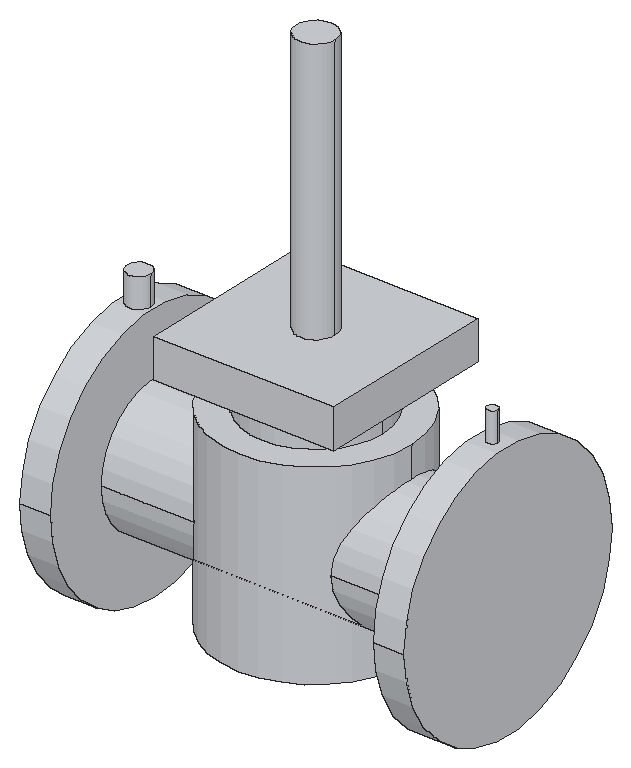
Revit family "OPTIMA_Compact_FLANGE_PN16_DN125-HF_RFA_2018", category Pipe Accessories, Revit 2018
Family settings
  Round Connector Dimension = Use Diameter
  Part Type = Valve - Breaks Into
  Work Plane-Based = No
  Always vertical = Yes
  Cut with Voids When Loaded = No
  Shared = No
Parameters (values of type "Optima Compact Flange PN16 DN125 HF")
  magiProductId = "Frese Optima Flange DN125 HF"
  magiProductFamilyId = "Frese Optima Flange *"
  magiPartTypeId = 304
  isMeasuringValve [instance] = no
  ang2D [instance] = 0.00°
  W2D = 50 mm
  VersionID = "2.0/2018.8.28.1/FRESE_OPTIMA_FLANGE_Q13_002"
  Use Minimum Symbol Size [instance] = yes
  URL = "www.hydronic.cz"
  Type Comments = "Přírubový; PN16; 0~120°C, s měřením"
  R4 = 70 mm
  R3 = 70.2 mm
  R1 = 100 mm
  QmdConnectorList = "301;D;302;D"
  Productdata [instance] = ""
  Manufacturer = "Hydronic Systems Prague s.r.o."
  MC Product Code = "53-1214 (DN125 HF; 40mm; pohon min 1000N; Qmin-dpmin 23000l/h-27.0kPa; Qmax-dpmin 135000l/h-53.0kPa; dpmax 800kPa)"
  MC Piping Given Pressure Drop [instance] = 0.0 Pa
  LF__ve = -LF  # -32 mm
  LF2 = 16 mm
  LF = 32 mm
  L4 = 188 mm
  L3 = 336 mm
  L2D_Min = 3048 mm
  L2D = 230 mm
  L2 = 200 mm
  H6 = 275.5 mm
  H4 = 40.5 mm
  H3 = 33.75 mm
  H2 = 101.25 mm
  H1 = 202.5 mm
  Description = "Tlakově nezávislý 2-cestný regulační vyvažovací ventil (PICV)"
  DF2 = 135 mm
  D = 125 mm
  CAT0 = yes
Types (14, lengths in mm): name | magiProductId | magiProductFamilyId | W2D | Type Comments | R4 | R3 | R1 | MC Product Code | LF__ve | LF2 | LF | L4 | L3 | L2D | L2 | H6 | H4 | H3 | H2 | H1 | DF2 | D
  Optima Compact Flange PN16 DN050 LF | "Frese Optima Flange DN050 LF" | "Frese Optima Flange *" | 50 | "Přírubový; PN16; 0~120°C, s měřením" | 40.3 | 42.9 | 57.5 | "53-1200 (DN50 LF; 20mm; pohon min 1000N; Qmin-dpmin 2500l/h-6.5kPa; Qmax-dpmin 15000l/h-20.0kPa; dpmax 800kPa)" | -18.4 | 9.2 | 18.4 | 108.1 | 193.2 | 230 | 115 | 157.3 | 24.8 | 20.6 | 61.9 | 123.8 | 82.5 | 50
  Optima Compact Flange PN16 DN050 HF | "Frese Optima Flange DN050 HF" | "Frese Optima Flange *" | 50 | "Přírubový; PN16; 0~120°C, s měřením" | 40.25 | 42.9 | 57.5 | "53-1210 (DN50 HF; 20mm; pohon min 1000N; Qmin-dpmin 3900l/h-19.0kPa; Qmax-dpmin 24000l/h-50.0kPa; dpmax 800kPa)" | -18.4 | 9.2 | 18.4 | 108.1 | 193.2 | 230 | 115 | 157.25 | 24.75 | 20.625 | 61.875 | 123.75 | 82.5 | 50
  Optima Compact Flange PN16 DN065 LF | "Frese Optima Flange DN065 LF" | "Frese Optima Flange *" | 50 | "Přírubový; PN16; 0~120°C, s měřením" | 50.75 | 48.1 | 72.5 | "53-1201 (DN65 LF; 20mm; pohon min 1000N; Qmin-dpmin 4400l/h-15.0kPa; Qmax-dpmin 25000l/h-25.0kPa; dpmax 800kPa)" | -23.2 | 11.6 | 23.2 | 136.3 | 243.6 | 230 | 145 | 171.25 | 27.75 | 23.125 | 69.375 | 138.75 | 92.5 | 65
  Optima Compact Flange PN16 DN065 HF | "Frese Optima Flange DN065 HF" | "Frese Optima Flange *" | 50 | "Přírubový; PN16; 0~120°C, s měřením" | 50.75 | 48.1 | 72.5 | "53-1211 (DN65 HF; 20mm; pohon min 1000N; Qmin-dpmin 6000l/h-30.0kPa; Qmax-dpmin 35000l/h-55.0kPa; dpmax 800kPa)" | -23.2 | 11.6 | 23.2 | 136.3 | 243.6 | 230 | 145 | 171.25 | 27.75 | 23.125 | 69.375 | 138.75 | 92.5 | 65
  Optima Compact Flange PN16 DN080 LF | "Frese Optima Flange DN080 LF" | "Frese Optima Flange *" | 50 | "Přírubový; PN16; 0~120°C, s měřením" | 54.25 | 52 | 77.5 | "53-1202 (DN80 LF; 20mm; pohon min 1000N; Qmin-dpmin 5300l/h-16.0kPa; Qmax-dpmin 34000l/h-25.0kPa; dpmax 800kPa)" | -24.8 | 12.4 | 24.8 | 145.7 | 260.4 | 230 | 155 | 183 | 30 | 25 | 75 | 150 | 100 | 80
  Optima Compact Flange PN16 DN080 HF | "Frese Optima Flange DN080 HF" | "Frese Optima Flange *" | 50 | "Přírubový; PN16; 0~120°C, s měřením" | 54.25 | 52 | 77.5 | "53-1212 (DN80 HF; 20mm; pohon min 1000N; Qmin-dpmin 7000l/h-23.0kPa; Qmax-dpmin 43000l/h-50.0kPa; dpmax 800kPa)" | -24.8 | 12.4 | 24.8 | 145.7 | 260.4 | 230 | 155 | 183 | 30 | 25 | 75 | 150 | 100 | 80
  Optima Compact Flange PN16 DN100 LF | "Frese Optima Flange DN100 LF" | "Frese Optima Flange *" | 50 | "Přírubový; PN16; 0~120°C, s měřením" | 61.25 | 61.1 | 87.5 | "53-1203 (DN100 LF; 40mm; pohon min 1000N; Qmin-dpmin 12100l/h-20.0kPa; Qmax-dpmin 68000l/h-35.0kPa; dpmax 800kPa)" | -28 | 14 | 28 | 164.5 | 294 | 230 | 175 | 268.75 | 35.25 | 29.375 | 88.125 | 176.25 | 117.5 | 100
  Optima Compact Flange PN16 DN100 HF | "Frese Optima Flange DN100 HF" | "Frese Optima Flange *" | 50 | "Přírubový; PN16; 0~120°C, s měřením" | 61.25 | 61.1 | 87.5 | "53-1213 (DN100 HF; 40mm; pohon min 1000N; Qmin-dpmin 14800l/h-30.0kPa; Qmax-dpmin 90000l/h-75.0kPa; dpmax 800kPa)" | -28 | 14 | 28 | 164.5 | 294 | 230 | 175 | 268.75 | 35.25 | 29.375 | 88.125 | 176.25 | 117.5 | 100
  Optima Compact Flange PN16 DN125 LF | "Frese Optima Flange DN125 LF" | "Frese Optima Flange *" | 50 | "Přírubový; PN16; 0~120°C, s měřením" | 70 | 70.2 | 100 | "53-1204 (DN125 LF; 40mm; pohon min 1000N; Qmin-dpmin 18500l/h-16.0kPa; Qmax-dpmin 110000l/h-35.0kPa; dpmax 800kPa)" | -32 | 16 | 32 | 188 | 336 | 230 | 200 | 275.5 | 40.5 | 33.75 | 101.25 | 202.5 | 135 | 125
  Optima Compact Flange PN16 DN125 HF | "Frese Optima Flange DN125 HF" | "Frese Optima Flange *" | 50 | "Přírubový; PN16; 0~120°C, s měřením" | 70 | 70.2 | 100 | "53-1214 (DN125 HF; 40mm; pohon min 1000N; Qmin-dpmin 23000l/h-27.0kPa; Qmax-dpmin 135000l/h-53.0kPa; dpmax 800kPa)" | -32 | 16 | 32 | 188 | 336 | 230 | 200 | 275.5 | 40.5 | 33.75 | 101.25 | 202.5 | 135 | 125
  Optima Compact Flange PN16 DN150 LF | "Frese Optima Flange DN150 LF" | "Frese Optima Flange *" | 50 | "Přírubový; PN16; 0~110°C, s měřením" | 84 | 74.1 | 120 | "53-1205 (DN150 LF; 43mm; pohon min 1500N; Qmin-dpmin 25600l/h-21.0kPa; Qmax-dpmin 148000l/h-35.0kPa; dpmax 800kPa)" | -38.4 | 19.2 | 38.4 | 225.6 | 403.2 | 230 | 240 | 279.25 | 42.75 | 35.625 | 106.875 | 213.75 | 142.5 | 150
  Optima Compact Flange PN16 DN150 HF | "Frese Optima Flange DN150 HF" | "Frese Optima Flange *" | 50 | "Přírubový; PN16; 0~110°C, s měřením" | 84 | 74.1 | 120 | "53-1215 (DN150 HF; 43mm; pohon min 1500N; Qmin-dpmin 32000l/h-33.0kPa; Qmax-dpmin 195000l/h-65.0kPa; dpmax 800kPa)" | -38.4 | 19.2 | 38.4 | 225.6 | 403.2 | 230 | 240 | 279.25 | 42.75 | 35.625 | 106.875 | 213.75 | 142.5 | 150
  Optima Compact Flange PN16 DN200 LF | "" | "" | 100 | "Přírubový; PN16; 0~110°C, s měřením" | 164.5 | 98.8 | 235 | "53-1206 (DN200 LF; 43mm; pohon min 1500N; Qmin-dpmin 95000l/h-11.0kPa; Qmax-dpmin 210000l/h-32.0kPa; dpmax 800kPa)" | -48 | 24 | 48 | 282 | 504 | 350 | 300 | 281 | 57 | 15 | 209 | 380 | 190 | 200
  Optima Compact Flange PN16 DN200 HF | "" | "" | 100 | "Přírubový; PN16; 0~110°C, s měřením" | 164.5 | 98.8 | 235 | "53-1216 (DN200 HF; 43mm; pohon min 1500N; Qmin-dpmin 130000l/h-31.0kPa; Qmax-dpmin 280000l/h-78.0kPa; dpmax 800kPa)" | -48 | 24 | 48 | 282 | 504 | 350 | 300 | 281 | 57 | 15 | 209 | 380 | 190 | 200
Reference planes
  plane 1 "Center (Front/Back)": y = 0
  plane 2 "XYPLANE": z = 0
  plane 3 "Center (Left/Right)": x = 0
  plane 4 "157": x = 184
  plane 5 "156": x = -184
  plane 6 "155": z = 135
  plane 7 "154": z = 175.5
  plane 8 "153": z = 135
  plane 9 "152": z = 101.25
  plane 10 "151": x = -168
  plane 11 "150": z = -101.25
  plane 12 "149": x = 0
  plane 13 "148": y = 0
  plane 14 "147": z = 0
  plane 15 "146": x = -200
  plane 16 "145": x = 200
Forms (mm)
  Extrusion 1, solid, visible <- "CAT0"
    sketch origin (-750, 0, 135) x (1, 0, 0) y (0, 1, 0)
      loop
        circle (934, 0) r 5.5
    from 0 to 30
  Extrusion 2, solid, visible <- "CAT0"
    sketch origin (-750, 0, 135) x (1, 0, 0) y (0, 1, 0)
      loop
        circle (566, 0) r 12.3
    from 0 to 30
  Extrusion 3, solid, visible <- "CAT0"
    sketch origin (-750, 0, 175.5) x (1, 0, 0) y (0, 1, 0)
      loop
        circle (750, 0) r 20
    from 0 to 275.5 <- "H6"
  Extrusion 4, solid, visible <- "CAT0"
    sketch origin (-750, 0, 135) x (1, 0, 0) y (0, 1, 0)
      loop
        line (844, 94) -> (656, 94) -> (656, -94) -> (844, -94) -> (844, 94)
    from 0 to 40.5 <- "H4"
  Extrusion 5, solid, visible <- "CAT0"
    sketch origin (-750, 0, 101.25) x (1, 0, 0) y (0, 1, 0)
      loop
        circle (750, 0) r 70
    from 0 to 33.75 <- "H3"
  Extrusion 6, solid, visible <- "CAT0"
    sketch origin (-168, -750, 0) x (0, 1, 0) y (0, 0, 1)
      loop
        circle (750, 0) r 70.2
    from 0 to 336 <- "L3"
  Extrusion 7, solid, visible <- "CAT0"
    sketch origin (-750, 0, -101.25) x (1, 0, 0) y (0, 1, 0)
      loop
        circle (750, 0) r 100
    from 0 to 202.5 <- "H1"
  Extrusion 8, solid, visible <- "CAT0"
    sketch origin (-200, -750, 0) x (0, 1, 0) y (0, 0, 1)
      loop
        circle (750, 0) r 135
    from 0 to 32 <- "LF"
  Extrusion 9, solid, visible <- "CAT0"
    sketch origin (200, -750, 0) x (0, 1, 0) y (0, 0, 1)
      loop
        circle (750, 0) r 135
    from 0 to -32 <- "LF__ve"
  Extrusion 10, solid, not visible
    sketch origin (-200, -750, 0) x (0, 1, 0) y (0, 0, 1)
      loop
        circle (750, 0) r 10
    from 0 to 10
  Extrusion 11, solid, not visible
    sketch origin (200, -750, 0) x (0, 1, 0) y (0, 0, 1)
      loop
        circle (750, 0) r 10
    from 0 to -10
Lines and regions (mm)
  reference lines, not visible
    curve 1: circle (2, 2, 0) r 1 normal (0, 0, 1)
  reference lines
    curve 2: circle (0, 0, 135) r 1 normal (0, 0, 1)
Dimensions and locks
  plane 1 "Center (Front/Back)" to curve 1 = 2 mm
  "LF2": plane 16 "145" to plane 4 "157"
  "LF2": plane 15 "146" to plane 5 "156"
  "DF2": plane 2 "XYPLANE" to plane 6 "155"
  "H4": plane 8 "153" to plane 7 "154"
  "H3": plane 9 "152" to plane 8 "153"
  "H1": plane 11 "150" to plane 9 "152"
  "LF": plane 15 "146" to plane 10 "151"
  "H2": plane 2 "XYPLANE" to plane 11 "150"
  locked: plane 3 "Center (Left/Right)" to plane 12 "149"
  locked: plane 1 "Center (Front/Back)" to plane 13 "148"
  locked: plane 2 "XYPLANE" to plane 14 "147"
  "L2": plane 3 "Center (Left/Right)" to plane 15 "146"
  "L2": plane 3 "Center (Left/Right)" to plane 16 "145"
  equal spacing: Extrusion 4 sketch curve, curve 2, Extrusion 4 sketch curve  (x2)
  "L4": Extrusion 4 sketch curve to Extrusion 4 sketch curve  (x2)
  Extrusion 4 sketch curve to Extrusion 4 sketch curve = 0 mm  (x8)
  "R4": radius of Extrusion 5 sketch curve
  "R3": radius of Extrusion 6 sketch curve
  "R1": radius of Extrusion 7 sketch curve
  "DF2": radius of Extrusion 8 sketch curve
  "DF2": radius of Extrusion 9 sketch curve
  aligned and locked: level to plane 2 "XYPLANE"
  aligned and locked: plane 4 "157" to Extrusion 1 sketch curve
  aligned and locked: plane 13 "148" to Extrusion 1 sketch curve
  aligned and locked: plane 5 "156" to Extrusion 2 sketch curve
  aligned and locked: plane 13 "148" to Extrusion 2 sketch curve
  aligned and locked: plane 12 "149" to Extrusion 3 sketch curve
  aligned and locked: plane 13 "148" to Extrusion 3 sketch curve
  aligned and locked: plane 12 "149" to curve 2
  aligned and locked: plane 13 "148" to curve 2
  aligned and locked: plane 12 "149" to Extrusion 5 sketch curve
  aligned and locked: plane 13 "148" to Extrusion 5 sketch curve
  aligned and locked: Extrusion 6 sketch curve to plane 13 "148"
  aligned and locked: plane 14 "147" to Extrusion 6 sketch curve
  aligned and locked: plane 12 "149" to Extrusion 7 sketch curve
  aligned and locked: plane 13 "148" to Extrusion 7 sketch curve
  aligned and locked: Extrusion 8 sketch curve to plane 13 "148"
  aligned and locked: plane 14 "147" to Extrusion 8 sketch curve
  aligned and locked: Extrusion 9 sketch curve to plane 13 "148"
  aligned and locked: plane 14 "147" to Extrusion 9 sketch curve
  aligned and locked: Extrusion 10 sketch curve to plane 13 "148"
  aligned and locked: plane 14 "147" to Extrusion 10 sketch curve
  aligned and locked: Extrusion 11 sketch curve to plane 13 "148"
  aligned and locked: plane 14 "147" to Extrusion 11 sketch curve
Automatic sketch dimensions
  Extrusion 1 sketch curve to plane 4 "157" = 5.5 mm
  plane 15 "146" to Extrusion 2 sketch curve = 3.7 mm
  Extrusion 3 sketch curve to plane 3 "Center (Left/Right)" = 20 mm
  plane 1 "Center (Front/Back)" to Extrusion 10 sketch curve = 10 mm
  plane 1 "Center (Front/Back)" to Extrusion 11 sketch curve = 10 mm
  plane 3 "Center (Left/Right)" to curve 1 = 2 mm
  plane 10 "151" to Extrusion 4 sketch curve = 74 mm
  plane 1 "Center (Front/Back)" to Extrusion 4 sketch curve = 94 mm
  radius of curve 2 = 1 mm
  radius of curve 1 = 1 mm
Connectors
  piping at (-200, 0, 0), diameter 125, driven by "D"
    settings: on Extrusion 10, index 1, connector inside diameter 609.6 mm, connector length 0 mm, flow factor 0, pipe flow 0.0 L/s, pressure drop 0.0 Pa, fitting loss kfactor 0, connector angle 0.00°, fixture units 0, engagement length 0 mm, angle of deflection 0.00°, flow configuration 0, flow direction 0, fitting loss method 0, system type 29, joint type 0, gender type 0, connector reference index 2, connector utility 0, adjustable connector no, is connector primary yes, connector description ""
  piping at (200, 0, 0), diameter 125, driven by "D"
    settings: on Extrusion 11, index 2, connector inside diameter 609.6 mm, connector length 0 mm, flow factor 0, pipe flow 0.0 L/s, pressure drop 0.0 Pa, fitting loss kfactor 0, connector angle 0.00°, fixture units 0, engagement length 0 mm, angle of deflection 0.00°, flow configuration 0, flow direction 0, fitting loss method 0, system type 29, joint type 0, gender type 0, connector reference index 1, connector utility 0, adjustable connector no, is connector primary no, connector description ""
